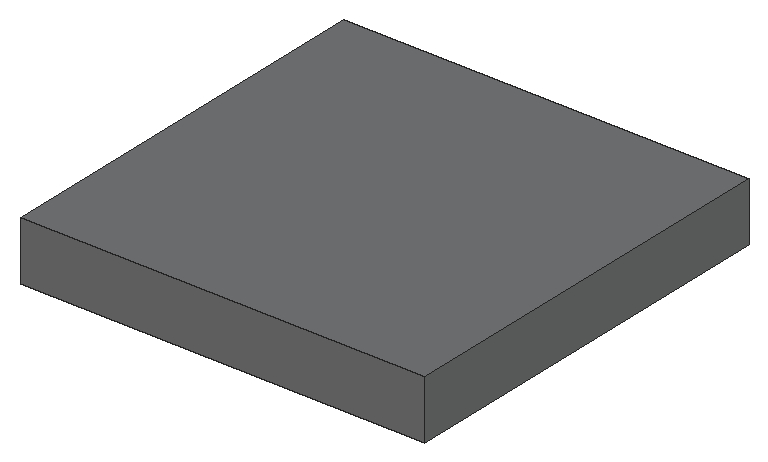
Revit family "Gira_0294600", category Electrical Fixtures, host Face, Revit 2017
Family settings
  Host = Face
  Maintain Annotation Orientation = No
  Round Connector Dimension = Use Diameter
  Part Type = Normal
  Cut with Voids When Loaded = No
  Shared = No
  Room Calculation Point = No
Parameters (values of type "Rocker 2-g arrow sym. System 55 stainl.steel")
  With label area = "No"
  With exchangeable lens/symbol = "No"
  Utilization = "Jalousie"
  URL = "http://katalog.gira.de/en/datenblatt.html?artikelnr=0294600"
  Type of fastening = "Clamp mounting"
  Surface protection = "Other"
  Suitable for touch sensor connector for bus system = "No"
  Suitable for degree of protection (IP) = "IP20"
  Scannable symbol / barrier free = "No"
  Name = "Rocker 2-g arrow sym. System 55 stainl.steel"
  Monitoring window/light outlet = "No"
  Model = "Two-part rocker"
  Material quality = "Stainless steel"
  Material = "Metal"
  Manufacturer URL = "https://www.gira.de/"
  Manufacturer = "Gira"
  Keynote = ""
  Imprint/indication = "Various symbols"
  HeinzeBIM = "https://bimportal.heinze.de/bim/rocker-2-g-arrow-sym-system-55-stainl-steel/4a39fe312246a12ede42ce007c7503050355f88a"
  Halogen free = "No"
  HAN = "0294600"
  GTIN = "4010337021735"
  Description = "Rock.2g arrow sym. Sys55 SST,Rocker, 2-gang with arrow symbol,,Stainless steel,"
  Default Elevation = 1219.2 mm
  Data sheet (1) = "https://katalog.gira.de/en/download.html?artikelnr=0294600"
  Colour = "Stainless steel"
  Category = "Control element/cover plate for domestic switching devices"
  BIM (1) = "https://media.stage.bim.site/public/gira/36a6b08/Sys55_Abdeckung_Schalten und Tasten.rfa?public/gira/36a6b08/Sys55_Abdeckung_Schalten und Tasten.rfa"
  Available = "No"
  Anthrazit [instance] = Anthrazit
Reference planes
  plane 1 "Center (Front/Back)": y = 0
  plane 2: z = 0
  plane 3 "Center (Left/Right)": x = 0
Forms (mm)
  Extrusion 1, solid, material "Anthrazit" <- "Anthrazit", detail levels fine
    sketch origin (0, 0, 0) x (1, 0, 0) y (0, 1, 0)
      loop
        line (-27.5, 27.5) -> (-27.5, -27.5) -> (27.5, -27.5) -> (27.5, 27.5) -> (-27.5, 27.5)
    from 0 to 8
  Extrusion 2, void
    sketch origin (0, 0, 0) x (1, 0, 0) y (0, 1, 0)
      loop
        line (26, 26) -> (-26, 26) -> (-26, -26) -> (26, -26) -> (26, 26)
    from 0 to 6
  Extrusion 3, solid, material "Anthrazit" <- "Anthrazit", detail levels medium
    sketch origin (0, 0, 0) x (1, 0, 0) y (0, 1, 0)
      loop
        line (-27.5, 27.5) -> (-27.5, -27.5) -> (27.5, -27.5) -> (27.5, 27.5) -> (-27.5, 27.5)
    from 0 to 8
  Extrusion 4, solid, material "Anthrazit" <- "Anthrazit", detail levels medium
    sketch origin (0, 0, 0) x (1, 0, 0) y (0, 1, 0)
      loop
        line (11, -17.5) -> (11, 17.5) -> (-11, 17.5) -> (-11, -17.5) -> (11, -17.5)
    from -6 to 6
  Extrusion 5, solid, material "Anthrazit" <- "Anthrazit", detail levels fine
    sketch origin (0, 0, 0) x (1, 0, 0) y (0, 1, 0)
      loop
        line (11, 17.5) -> (-11, 17.5) -> (-11, 16.5) -> (11, 16.5) -> (11, 17.5)
      loop
        line (-11, -16.5) -> (-11, -17.5) -> (11, -17.5) -> (11, -16.5) -> (-11, -16.5)
    from -4 to 6
  Extrusion 6, solid, material "Anthrazit" <- "Anthrazit", detail levels fine
    sketch origin (0, 0, 0) x (1, 0, 0) y (0, 1, 0)
      loop
        arc (5, 9.347) -> (0, 10.6) -> (-5, 9.347) r 10.6
        line (-5, 9.347) -> (-5, -9.347)
        arc (-5, -9.347) -> (0, -10.6) -> (5, -9.347) r 10.6
        line (5, -9.347) -> (5, 9.347)
    from -6 to 6
  Extrusion 7, solid, material "Anthrazit" <- "Anthrazit", detail levels coarse
    sketch origin (0, 0, 0) x (1, 0, 0) y (0, 1, 0)
      loop
        line (-27.5, 27.5) -> (-27.5, -27.5) -> (27.5, -27.5) -> (27.5, 27.5) -> (-27.5, 27.5)
    from -6 to 8
Cuts and joins
  Extrusion 2 cuts Extrusion 1
Dimensions and locks
  aligned and locked: plane 2 to host face
  aligned and locked: level to host face
